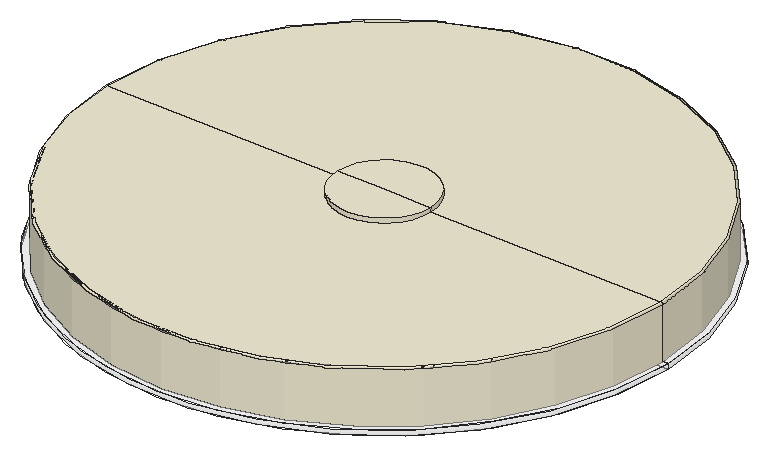
Revit family "32-665-xx Dione Ceiling mount", category Lighting Fixtures, host Ceiling, Revit 2018
Family settings
  Host = Ceiling
  Round Connector Dimension = Use Diameter
  Part Type = Normal
  OmniClass Number = 23.80.70.11
  OmniClass Title = Luminaries for Internal Lighting
  Always vertical = Yes
  Cut with Voids When Loaded = No
  Light Source = Yes
  Shared = No
  Room Calculation Point = No
Parameters (values of type "32-665-24 / Satin Nickel - Frosted Glass")
  Wattage Comments = "1 x 20.7 W at 120 V"  # constant formula
  Wattage = 9.2903 W
  built-in parameter 1150110 = 1 (stored number, unit not read)
  Voltage Input = "120 V or 277 V - 50/60 Hz"  # constant formula
  Voltage = 120 V
  URL = "www.oxygenlighting.com"
  built-in parameter 1114217 = 1 (stored number, unit not read)
  built-in parameter 1150109 = 1 (stored number, unit not read)
  built-in parameter 1150134 = (empty or 0)
  built-in parameter 1150113 = 1 (stored number, unit not read)
  References = "Ref. 3 = 120 V / Ref. 37 = 277 V"  # constant formula
  Model = "32-665-xx / Dione Ceiling Mount"  # constant formula
  Metal Finish = 24 - Satin Nickel
  Manufacturer = "Oxygen Lighting and Fans"  # constant formula
  Main Diffuser = Frosted Glass
  Lumens = 1380 lm
  built-in parameter 1150115 = 1 (stored number, unit not read)
  built-in parameter 1150105 = 109.82 (stored number, unit not read)
  Light Source Symbol Size = 24.00"
  built-in parameter 1150137 = (empty or 0)
  built-in parameter 1150139 = (empty or 0)
  built-in parameter 1150112 = 1 (stored number, unit not read)
  built-in parameter 1150114 = 1 (stored number, unit not read)
  Lamp = "LED Array"  # constant formula
  built-in parameter 1150132 = 2
  built-in parameter 1150102 = (empty or 0)
  built-in parameter 1150138 = (empty or 0)
  built-in parameter 1150107 = 3000 (stored number, unit not read)
  built-in parameter 1150106 = 1.0982 (stored number, unit not read)
  built-in parameter 1150104 = 13.8 (stored number, unit not read)
  Dimming Lamp Color Temperature Shift = <None>
  Color Filter = 16777215
  built-in parameter 1114218 = 1 (stored number, unit not read)
  built-in parameter 1150133 = 10 (stored number, unit not read)
Reference planes (in)
  plane 1 "Light Source Axis (F/B)": y = 0
  plane 2: z = 0
  plane 3 "Light Source Axis (L/R)": x = 0
  plane 4 "Ceiling": z = 157.48031
  plane 5 "Light Source Elevation": z = 156.1378
Dimensions and locks (in)
  equal spacing: host sketch curve, plane 3 "Light Source Axis (L/R)", host sketch curve
  equal spacing: host sketch curve, plane 1 "Light Source Axis (F/B)", host sketch curve
  host sketch curve to host sketch curve = 157.48031"  (x2)
  plane 4 "Ceiling" to host ceiling = 0.00"
  locked: plane 5 "Light Source Elevation" to plane 4 "Ceiling" at 1.34252
  aligned and locked: plane 3 "Light Source Axis (L/R)" to imposter light
  aligned and locked: plane 1 "Light Source Axis (F/B)" to imposter light
  aligned and locked: plane 5 "Light Source Elevation" to imposter light
  aligned and locked: plane 3 "Light Source Axis (L/R)" to nested 1
  aligned and locked: plane 1 "Light Source Axis (F/B)" to nested 1
  aligned and locked: nested 1 to plane 4 "Ceiling"
Nested families (in)
  nested 1: "Base" at (0, 0, 157.48031), type "Base"
Connectors (in)
  electrical at (0, 0, 157.48031), driven by "Voltage"
    settings: on nested 1, index 1, voltage 120 V, apparent load 0 VA, apparent load phase1 0 VA, apparent load phase2 0 VA, apparent load phase3 0 VA, power factor 1, load classification "Other", number of poles 1, system type 31, power factor state 1, is connector primary yes, connector utility no, sub classification motor no, connector description ""
Definition of nested family "Base"
  Parameters (values of type "Base")
    Metal Finish = none
    Main Diffuser = none
  Reference planes (in)
    plane 1 "Center (Front/Back)": y = 0
    plane 2: z = 0
    plane 3 "Center (Left/Right)": x = 0
  Forms (in)
    Revolve 1, solid, material <- "Metal Finish"
      sketch origin (0, 0, -157.48031) x (1, 0, 0) y (0, 0, 1)
        loop
          line (0, 157.48031) -> (0, 157.24491) -> (10.21995, 157.24491) -> (10.21995, 155.38178) -> (10.29869, 155.38178) -> (10.29869, 157.27365)
          arc (10.29869, 157.27365) -> (10.28404, 157.309) -> (10.24869, 157.32365) r 0.05
          line (10.24869, 157.32365) -> (1.72667, 157.32365) -> (1.72667, 157.48031) -> (0, 157.48031)
        axis (0, 155.38178) -> (0, 157.48031)
      angle from 0 to 360
    Revolve 2, solid, material <- "Main Diffuser"
      sketch origin (0, 0, -157.48031) x (1, 0, 0) y (0, 0, 1)
        loop
          line (0, 155.38178) -> (0, 155.18178) -> (10.52378, 155.18178)
          arc (10.52378, 155.18178) -> (10.54045, 155.28178) -> (10.52378, 155.38178) r 0.30833
          line (10.52378, 155.38178) -> (0, 155.38178)
        axis (0, 155.18178) -> (0, 155.38178)
      angle from 0 to 360
    Revolve 3, solid, material <- "Metal Finish"
      sketch origin (0, 0, -157.48031) x (1, 0, 0) y (0, 0, 1)
        loop
          line (0.36, 155.12178) -> (0.36, 155.18178) -> (0, 155.18178) -> (0, 155.04511) -> (3.1186, 155.04511)
          arc (3.1186, 155.04511) -> (3.14097, 155.08344) -> (3.1186, 155.12178) r 0.04403
          line (3.1186, 155.12178) -> (0.36, 155.12178)
        axis (0, 155.04511) -> (0, 155.18178)
      angle from 0 to 360
  Dimensions and locks (in)
    aligned and locked: level to plane 2
